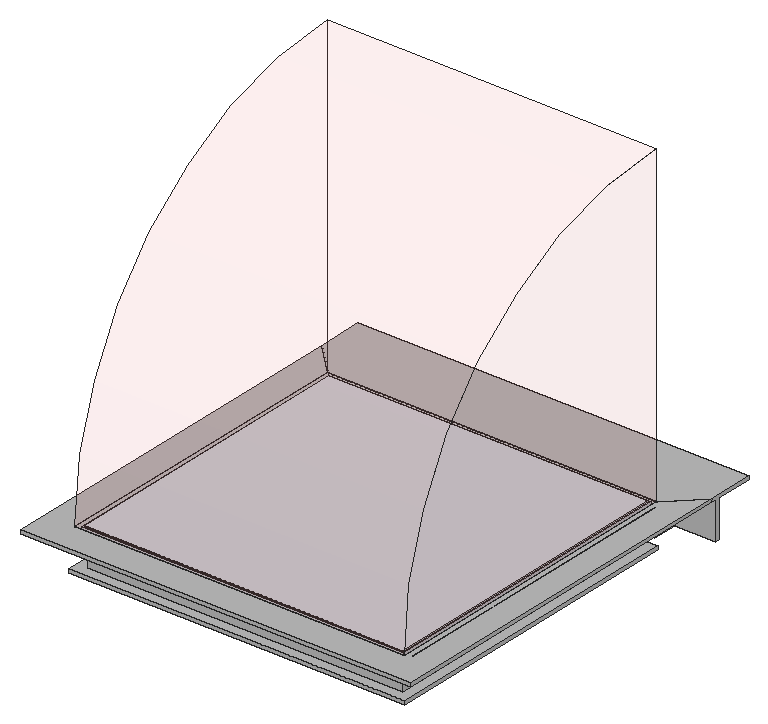
Revit family "Door_Access_Floor_Acudor_FT-8040-Carpet-VinylTile", category Generic Models, host Face, Revit 2026
Family settings
  Host = Face
  Can host rebar = No
  Round Connector Dimension = Use Diameter
  Part Type = Normal
  Cut with Voids When Loaded = No
  Maintain Annotation Orientation = No
  Shared = No
  Room Calculation Point = No
Parameters
  singleleafframelocate = if(Single Leaf, 0' 3", 0' 0")  # 0' - 3"
  halfswing = (Door Width / 2)  # 0' - 11 3/8"
  Warranty Duration (Years) = 0
  Unit Width = 1' - 10 3/4"
  Unit Weight = 0
  Unit Height = 2' - 1 1/8"
  Unit Depth = 0' - 3"
  URL = "http://www.acudor.com/"
  Test Data = ""
  Swing Clearance Visible [instance] = yes
  Standards Conformance = "as Specified"
  Specification = ""
  SpecWizard = ""
  SingleSwing [instance] = and(Single Leaf, Swing Clearance Visible)  # yes
  Single Leaf = yes
  Send Message = ""
  Sales Information = "http://www.acudor.com/contactus"
  Revision = "R1_2017-03"
  Product Properties = ""
  Product Data = "http://www.arcat.com/arcatcos/cos30/arc30126.html"
  Overall Width = 2' - 4 3/4"
  Overall Height = 2' - 7 1/8"
  Opening Width = Unit Width  # 1' - 10 3/4"
  Opening Height = Unit Height  # 2' - 1 1/8"
  Opening Depth [instance] = 1' - 0"
  Model = "As Specified"
  Manufacturer Website = "http://www.acudor.com/"
  Manufacturer Phone - Toll Free = "800-722-0501"
  Manufacturer Phone = "973-575-5120"
  Manufacturer Fax = "973-575-5160"
  Manufacturer Address = "80 Little Falls Rd.  Fairfield, NJ 07004"
  Manufacturer = "Acudor Products Inc"
  Maintenance Schedule (Months) = 0
  Keynote = ""
  Installation-Fabrication = ""
  Installation Phase = ""
  Green Building-LEED = "http://www.arcat.com/green/clients/leed_data_30126.html"
  Frame Finish [instance] = Metal - Acudor - Aluminum
  Floor Material Thickness [instance] = 0' - 0 1/16"
  Floor Material [instance] = none
  Fixture Finish [instance] = none
  Expected Lifespan (Years) = 0
  Drawn By = "Sumex Design, Inc. / Robert S. Weygant, CSI, CDT, SCIP"
  DoubleSwing [instance] = and(Double Leaf, Swing Clearance Visible)  # no
  Double Leaf = not(Single Leaf)  # no
  Door Width = Unit Width  # 1' - 10 3/4"
  Door Height = Unit Height  # 2' - 1 1/8"
  Description = "Acudor Product as Specified"
  Default Elevation = 0' - 0"  # constant formula
  Copyright = "©Arcat Inc."
  Construction Details = ""
  Clearance Material [instance] = ARCAT Clearance
  Clear Opening Width = 1' - 8"
  Clear Opening Height = 2' - 0"
  Capacity = "as Specified"
  Available Options [instance] = "as Specified"
  Assembly Code = ""
Reference planes (in)
  plane 1 "Center (Front/Back)": y = 1.28343
  plane 2: z = 0
  plane 3 "Center (Left/Right)": x = 0
  plane 4: y = 13.84593
  plane 5: y = -11.27907
  plane 6: x = -11.375
  plane 7: x = 11.375
  plane 8: z = 0
  plane 9: y = 16.84593
  plane 10: y = -14.27907
  plane 11: x = -14.375
  plane 12: x = 14.375
  plane 13: z = -3
  plane 14: x = -11.375
  plane 15: x = 11.375
  plane 16: y = 13.84593
  plane 17: y = -11.27907
  plane 18: z = -12
Forms (in)
  Extrusion 1, void
    sketch origin (0, 0, 0) x (1, 0, 0) y (0, 1, 0)
      loop
        line (-11.375, 13.84593) -> (-11.375, -11.27907) -> (11.375, -11.27907) -> (11.375, 13.84593) -> (-11.375, 13.84593)
    from -12 to 0
  Extrusion 2, void
    sketch origin (0, 0, 0) x (1, 0, 0) y (0, 1, 0)
      loop
        line (-14.375, 16.84593) -> (-14.375, -14.27907) -> (14.375, -14.27907) -> (14.375, 16.84593) -> (-14.375, 16.84593)
    from 0 to -0.25
Dimensions and locks (in)
  locked: plane 8 to level
  equal spacing: plane 4, plane 1 "Center (Front/Back)", plane 5
  "Unit Height": plane 4 to plane 5
  equal spacing: plane 6, plane 3 "Center (Left/Right)", plane 7
  "Unit Width": plane 6 to plane 7
  equal spacing: plane 11, plane 3 "Center (Left/Right)", plane 12
  "Overall Width": plane 11 to plane 12
  "Overall Height": plane 9 to plane 10
  "Unit Depth": plane 8 to plane 13
  equal spacing: plane 16, plane 1 "Center (Front/Back)", plane 17
  equal spacing: plane 14, plane 3 "Center (Left/Right)", plane 15
  "Opening Width": plane 14 to plane 15
  "Opening Height": plane 16 to plane 17
  "Opening Depth": level to plane 18
  locked: plane 17 to plane 10 at 3
  aligned and locked: host face to plane 2
  aligned and locked: host face to level
  aligned and locked: Extrusion 1 sketch curve to plane 16
  aligned and locked: plane 14 to Extrusion 1 sketch curve
  aligned and locked: plane 17 to Extrusion 1 sketch curve
  aligned and locked: Extrusion 1 sketch curve to plane 15
  aligned and locked: Extrusion 1 to plane 18
  aligned and locked: plane 8 to Extrusion 1
  aligned and locked: plane 3 "Center (Left/Right)" to nested 1
  aligned and locked: plane 1 "Center (Front/Back)" to nested 1
  aligned and locked: Extrusion 2 sketch curve to nested 1  (x4)
  aligned and locked: plane 3 "Center (Left/Right)" to nested 2
  aligned and locked: nested 2 to plane 1 "Center (Front/Back)"
Automatic sketch dimensions
  host sketch curve to host sketch curve = 12' - 11.75605"
  host sketch curve to host sketch curve = 12' - 7.74281"
Nested families (in)
  nested 1: "FT-8040-SL" at (0, 0, 0), Frame Finish <- "Frame Finish", Swing Clearance Visible <- "Swing Clearance Visible", Floor Material <- "Floor Material", Floor Material Thickness <- "Floor Material Thickness", Fixture Finish <- "Fixture Finish", Clearance Material <- "Clearance Material", Clear Opening Width <- "Clear Opening Width", Clear Opening Height <- "Clear Opening Height", Unit Width <- "Unit Width", Unit Height <- "Unit Height", Unit Depth <- "Unit Depth", Overall Height <- "Overall Height", Overall Width <- "Overall Width", visible <- "Single Leaf", type "FT-8040-SL"
    with halfswing 1' - 0 1/8", doorwidthhalfneg -1' - 0 1/8", doorwidthhalf 1' - 0 1/8", Unit Width 1' - 10 3/4", Unit Height 2' - 1 1/8", Unit Depth 0' - 3", Swing Clearance Visible yes, SingleSwing yes, Overall Width 2' - 4 3/4", Overall Height 2' - 7 1/8", Opening Width 1' - 10 3/4", Opening Height 2' - 1 1/8", Opening Depth 1' - 0", Frame Finish Metal - Acudor - Aluminum, Floor Material Thickness 0' - 0 1/16", Floor Material none, Fixture Finish none, DoubleSwing no, Door Width 2' - 0 1/4", Door Height 1' - 11 1/4", Clearance Material ARCAT Clearance, Clear Opening Width 1' - 8", Clear Opening Height 2' - 0", Available Options "as Specified"
  nested 2: "FT-8040-DL" at (1.28343, 1.28343, 0) x (0, 1, 0) z (0, 0, 1), visible <- "Double Leaf", Swing Clearance Visible <- "Swing Clearance Visible", Floor Material Thickness <- "Floor Material Thickness", Frame Finish <- "Frame Finish", Floor Material <- "Floor Material", Fixture Finish <- "Fixture Finish", Clearance Material <- "Clearance Material", Unit Width <- "Unit Height", Unit Height <- "Unit Width", Unit Depth <- "Unit Depth", Overall Width <- "Overall Height", Overall Height <- "Overall Width", Clear Opening Width <- "Clear Opening Height", Clear Opening Height <- "Clear Opening Width", type "FT-8040-DL"
    with halfswing 0' - 8 3/4", doorwidthhalfneg -1' - 1 5/16", doorwidthhalf 1' - 1 5/16", Unit Width 2' - 1 1/8", Unit Height 1' - 10 3/4", Unit Depth 0' - 3", Swing Clearance Visible yes, SingleSwing no, Overall Width 2' - 7 1/8", Overall Height 2' - 4 3/4", Opening Width 2' - 1 1/8", Opening Height 1' - 10 3/4", Opening Depth 1' - 0", Frame Finish Metal - Acudor - Aluminum, Floor Material Thickness 0' - 0 1/16", Floor Material none, Fixture Finish none, DoubleSwing yes, Door Width 2' - 2 5/8", Door Height 1' - 5 1/2", Clearance Material ARCAT Clearance, Clear Opening Width 2' - 0", Clear Opening Height 1' - 8", Available Options "as Specified"
Definition of nested family "FT-8040-SL"
  Parameters
    halfswing [instance] = (Door Width / 2)  # 1' - 9 1/8"
    doorwidthhalfneg [instance] = -(Door Width / 2)  # -1' - 9 1/8"
    doorwidthhalf [instance] = Door Width / 2  # 1' - 9 1/8"
    Warranty Duration (Years) = 0
    Unit Width [instance] = 3' - 4 3/4"
    Unit Weight = 0
    Unit Height [instance] = 3' - 8 1/8"
    Unit Depth [instance] = 0' - 3"
    URL = "http://www.acudor.com/"
    Test Data = ""
    Swing Clearance Visible [instance] = yes
    Standards Conformance = "as Specified"
    Specification = ""
    SpecWizard = ""
    SingleSwing [instance] = and(Single Leaf, Swing Clearance Visible)  # yes
    Single Leaf = yes
    Send Message = ""
    Sales Information = "http://www.acudor.com/contactus"
    Revision = "R1_2017-03"
    Product Properties = ""
    Product Data = "http://www.arcat.com/arcatcos/cos30/arc30126.html"
    Overall Width [instance] = 3' - 10 3/4"
    Overall Height [instance] = 4' - 1 1/8"
    Opening Width [instance] = Unit Width  # 3' - 4 3/4"
    Opening Height [instance] = Unit Height  # 3' - 8 1/8"
    Opening Depth [instance] = 1' - 0"
    Model = "As Specified"
    Manufacturer Website = "http://www.acudor.com/"
    Manufacturer Phone - Toll Free = "800-722-0501"
    Manufacturer Phone = "973-575-5120"
    Manufacturer Fax = "973-575-5160"
    Manufacturer Address = "80 Little Falls Rd.  Fairfield, NJ 07004"
    Manufacturer = "Acudor Products Inc"
    Maintenance Schedule (Months) = 0
    Keynote = ""
    Installation-Fabrication = ""
    Installation Phase = ""
    Green Building-LEED = "http://www.arcat.com/green/clients/leed_data_30126.html"
    Frame Finish [instance] = none
    Floor Material Thickness [instance] = 0' - 0 1/16"
    Floor Material [instance] = none
    Fixture Finish [instance] = none
    Expected Lifespan (Years) = 0
    Drawn By = "Sumex Design, Inc. / Robert S. Weygant, CSI, CDT, SCIP"
    DoubleSwing [instance] = and(Double Leaf, Swing Clearance Visible)  # no
    Double Leaf = not(Single Leaf)  # no
    Door Width [instance] = Overall Width - 0' 4 1/2"  # 3' - 6 1/4"
    Door Height [instance] = Unit Height - 0' 3 3/8" + 0' 1 1/2"  # 3' - 6 1/4"
    Description = "Acudor Product as Specified"
    Default Elevation = 0' - 0"  # constant formula
    Copyright = "©Arcat Inc."
    Construction Details = ""
    Clearance Material [instance] = none
    Clear Opening Width [instance] = 1' - 8"
    Clear Opening Height [instance] = 2' - 0"
    Capacity = "as Specified"
    Available Options [instance] = "as Specified"
    Assembly Code = ""
  Reference planes (in)
    plane 1 "Center (Front/Back)": y = 1.28343
    plane 2: z = 0
    plane 3 "Center (Left/Right)": x = 0
    plane 4: y = 23.34593
    plane 5: y = -20.77907
    plane 6: x = -20.375
    plane 7: x = 20.375
    plane 8: z = 0
    plane 9: y = 25.34593
    plane 10: y = -23.77907
    plane 11: x = -23.375
    plane 12: x = 23.375
    plane 13: z = -3
    plane 14: x = -20.375
    plane 15: x = 20.375
    plane 16: y = 23.34593
    plane 17: y = -20.77907
    plane 18: z = -12
    plane 19: y = 19.97093
    plane 20: y = -0.40407
    plane 21: y = 20.47093
    plane 22: y = -21.27907
    plane 23: x = 20.875
    plane 24: x = -20.875
  Forms (in)
    Extrusion 1, solid
      sketch origin (0, 0, 0) x (1, 0, 0) y (0, 1, 0)
        loop
          line (-79.875, 69.28343) -> (-79.875, -82.45938) -> (75.88105, -82.45938) -> (75.88105, 69.28343) -> (-79.875, 69.28343)
      from 0 to -12
    Sweep 2, solid, material <- "Frame Finish", visible <- "Single Leaf"
      path origin (0, 0, 0) x (1, 0, 0) y (0, 1, 0)
        loop
          line (23.375, 25.34593) -> (23.375, -23.77907) -> (-23.375, -23.77907) -> (-23.375, 25.34593)
      profile origin (-23.375, 0.78343, 0) x (-1, 0, 0) y (0, 0, 1)
        loop
          line (-3, -0.25) -> (-3, -3) -> (-2, -3) -> (-2, -2.75) -> (-2.75, -2.75) -> (-2.75, -0.42678) -> (-2.32322, -0.42678) -> (-2.14645, -0.25) -> (0, -0.25) -> (0, 0) -> (-2.25, 0) -> (-2.5, -0.25) -> (-3, -0.25)
    Extrusion 3, solid, material <- "Fixture Finish", visible <- "Single Leaf"
      sketch origin (0, 0, 0) x (1, 0, 0) y (0, 1, 0)
        loop
          line (-20.875, 20.47093) -> (-20.875, -21.27907) -> (20.875, -21.27907) -> (20.875, 20.47093) -> (-20.875, 20.47093)
      from 0 to -0.25
    Extrusion 4, solid, material <- "Frame Finish", visible <- "Single Leaf"
      sketch origin (0, 0, 0) x (1, 0, 0) y (0, 1, 0)
        loop
          line (-19.625, 19.34593) -> (-19.625, -20.02739) -> (19.62332, -20.02739) -> (19.62332, 19.34593) -> (-19.625, 19.34593)
      from -2.45734 to -0.25
    Sweep 5, solid, material <- "Frame Finish", visible <- "Single Leaf"
      path origin (0, 0, 0) x (1, 0, 0) y (0, 1, 0)
        loop
          line (-23.375, 25.34593) -> (23.375, 25.34593)
      profile origin (0, 25.34593, 0) x (0, 1, 0) y (0, 0, 1)
        loop
          line (-5.375, -0.25) -> (-5.375, -0.5) -> (-4.77145, -0.5) -> (-4.52145, -0.25) -> (-3.875, -0.25) -> (-3.875, -3) -> (-1.75, -3) -> (-1.75, -0.25) -> (0, -0.25) -> (0, 0) -> (-4.625, 0) -> (-4.875, -0.25) -> (-5.375, -0.25)
    Extrusion 6, void
      sketch origin (0, 0, 0) x (1, 0, 0) y (0, 1, 0)
        loop
          line (-23.375, 22.97093) -> (-20.875, 20.47093) -> (-20.375, 20.47093) -> (-20.375, 25.34593) -> (-23.375, 25.34593) -> (-23.375, 22.97093)
        loop
          line (23.375, 22.97093) -> (23.375, 25.34593) -> (20.375, 25.34593) -> (20.375, 20.47093) -> (20.875, 20.47093) -> (23.375, 22.97093)
      from 0 to -3
    Extrusion 7, void
      sketch origin (0, 0, 0) x (1, 0, 0) y (0, 1, 0)
        loop
          line (-20.875, 19.97093) -> (-20.875, 20.47093) -> (-23.375, 22.97093) -> (-23.375, 19.97093) -> (-20.875, 19.97093)
        loop
          line (20.875, 19.97093) -> (23.375, 19.97093) -> (23.375, 22.97093) -> (20.875, 20.47093) -> (20.875, 19.97093)
      from 0 to -3
    Extrusion 8, void
      sketch origin (0, 0, 0) x (1, 0, 0) y (0, 1, 0)
        loop
          line (-20.375, 20.47093) -> (-20.375, 23.34593) -> (-23.375, 23.34593) -> (-23.375, 20.47093) -> (-20.375, 20.47093)
        loop
          line (20.375, 20.47093) -> (23.375, 20.47093) -> (23.375, 23.34593) -> (20.375, 23.34593) -> (20.375, 20.47093)
      from -3 to -0.25
    Extrusion 9, solid, material <- "Clearance Material", visible <- "SingleSwing"
      sketch origin (0, 0, 0) x (0, 1, 0) y (0, 0, 1)
        loop
          arc (20.72093, 42.25) -> (-9.15433, 29.87526) -> (-21.52907, 0) r 42.25
          line (-21.52907, 0) -> (20.72093, 0) -> (20.72093, 42.25)
      from -21.125 <- "doorwidthhalfneg" to 21.125 <- "doorwidthhalf"
    Extrusion 10, solid, material <- "Floor Material"
      sketch origin (0, 0, 0) x (1, 0, 0) y (0, 1, 0)
        loop
          line (20.75, -21.15407) -> (20.75, 20.34593) -> (-20.75, 20.34593) -> (-20.75, -21.15407) -> (20.75, -21.15407)
      from 0 to 0.0625 <- "Floor Material Thickness"
  Cuts and joins
    Extrusion 6, Extrusion 8 cuts Sweep 2
    Extrusion 7, Extrusion 8 cuts Sweep 5
  Lines and regions (in)
    model lines, visible <- "Single Leaf"
      curve 1: line (-20.875, -21.27907, 0.0625) -> (0, 20.47093, 0.0625)
      curve 2: line (0, 20.47093, 0.0625) -> (20.875, -21.27907, 0.0625)
  Dimensions and locks (in)
    locked: plane 8 to level
    equal spacing: plane 4, plane 1 "Center (Front/Back)", plane 5
    "Unit Height": plane 4 to plane 5
    equal spacing: plane 6, plane 3 "Center (Left/Right)", plane 7
    "Unit Width": plane 6 to plane 7
    equal spacing: plane 11, plane 3 "Center (Left/Right)", plane 12
    "Overall Width": plane 11 to plane 12
    "Overall Height": plane 9 to plane 10
    "Unit Depth": plane 8 to plane 13
    equal spacing: plane 16, plane 1 "Center (Front/Back)", plane 17
    equal spacing: plane 14, plane 3 "Center (Left/Right)", plane 15
    "Opening Width": plane 14 to plane 15
    "Opening Height": plane 16 to plane 17
    "Opening Depth": level to plane 18
    locked: Extrusion 4 sketch curve to plane 15 at 0.75168
    locked: plane 14 to Extrusion 4 sketch curve at 0.75
    locked: plane 16 to Extrusion 4 sketch curve at 4
    locked: Extrusion 4 sketch curve to plane 17 at 0.75168
    locked: plane 16 to plane 19 at 3.375
    plane 14 to Sweep 2 sketch curve to Sweep 2 sketch curve to Sweep 2 sketch curve to Sweep 2 sketch curve to Sweep 2 sketch curve to Sweep 2 sketch curve = 0' - 0 1/4" locked, 0' - 0 1/4" locked, 0' - 0.17678" locked, 0' - 0.07322" locked, 0' - 0.10355" locked, 0' - 0.14645" locked
    locked: plane 17 to plane 10 at 3
    locked: plane 17 to plane 22 at 0.5
    locked: plane 21 to plane 19 at 0.5
    equal spacing: plane 21, plane 20, plane 22
    locked: plane 24 to plane 14 at 0.5
    locked: plane 15 to plane 23 at 0.5
    Extrusion 7 sketch curve to Extrusion 7 sketch curve to plane 19 = 0' - 2 1/2" locked, 0' - 0 1/2" locked  (x2)
    locked: Extrusion 6 sketch curve to plane 21 at 2.5  (x2)
    Sweep 5 sketch curve to plane 16 to Sweep 5 sketch curve = 0' - 1 7/8" locked, 0' - 0 1/4" locked
    plane 19 to Sweep 5 sketch curve to Sweep 5 sketch curve to Sweep 5 sketch curve to Sweep 5 sketch curve = 0' - 0 1/2" locked, 0' - 0.10355" locked, 0' - 0.14645" locked, 0' - 0.10355" locked
    locked: plane 21 to Extrusion 9 sketch curve at 0.25  (x2)
    locked: level to Extrusion 9 sketch curve at 0
    locked: plane 21 to Extrusion 10 sketch curve at 0.125
    locked: plane 24 to Extrusion 10 sketch curve at 0.125
    locked: Extrusion 10 sketch curve to plane 23 at 0.125
    locked: Extrusion 10 sketch curve to plane 22 at 0.125
    "Door Height": radius of Extrusion 9 sketch curve
    aligned and locked: Extrusion 1 to plane 2
    aligned and locked: Extrusion 1 to level
    aligned and locked: Sweep 2 sketch curve to plane 11
    aligned and locked: Sweep 2 sketch curve to plane 10
    aligned and locked: Sweep 2 sketch curve to plane 12
    aligned and locked: plane 9 to Sweep 2 sketch curve
    aligned and locked: Sweep 2 sketch curve to plane 9
    aligned and locked: plane 3 "Center (Left/Right)" to curve 2
    aligned and locked: Extrusion 3 sketch curve to plane 21
    aligned and locked: Extrusion 3 sketch curve to plane 24
    aligned and locked: Extrusion 3 sketch curve to plane 23
    aligned and locked: Extrusion 3 sketch curve to plane 22
    aligned and locked: plane 12 to Sweep 5 sketch curve
    aligned and locked: plane 11 to Sweep 5 sketch curve
    aligned and locked: Sweep 5 sketch curve to plane 9  (x2)
    aligned and locked: plane 21 to curve 2
    aligned and locked: Extrusion 7 sketch curve to plane 19  (x2)
    aligned and locked: plane 24 to Extrusion 7 sketch curve
    aligned and locked: Extrusion 7 sketch curve to plane 11
    aligned and locked: Extrusion 7 sketch curve to plane 12
    aligned and locked: plane 23 to Extrusion 7 sketch curve
    aligned and locked: plane 21 to Extrusion 6 sketch curve  (x2)
    aligned and locked: Extrusion 6 sketch curve to plane 15
    aligned and locked: Extrusion 6 sketch curve to plane 9  (x2)
    aligned and locked: plane 12 to Extrusion 6 sketch curve
    aligned and locked: plane 23 to Extrusion 6 sketch curve
    aligned and locked: plane 24 to Extrusion 6 sketch curve
    aligned and locked: plane 11 to Extrusion 6 sketch curve
    aligned and locked: Extrusion 6 sketch curve to plane 14
    aligned and locked: Extrusion 8 sketch curve to plane 14
    aligned and locked: plane 21 to Extrusion 8 sketch curve  (x2)
    aligned and locked: plane 11 to Extrusion 8 sketch curve
    aligned and locked: Extrusion 8 sketch curve to plane 15
    aligned and locked: plane 12 to Extrusion 8 sketch curve
    aligned and locked: Sweep 5 sketch curve to plane 19
    aligned and locked: Extrusion 8 sketch curve to plane 4  (x2)
  Automatic sketch dimensions
    Extrusion 1 sketch curve to Extrusion 1 sketch curve = 12' - 11.75605"
    Extrusion 1 sketch curve to Extrusion 1 sketch curve = 12' - 7.74281"
    Sweep 2 sketch curve to level = 0' - 0"
    Sweep 2 sketch curve to profile plane = 0' - 0"
    Sweep 2 sketch curve to level = 0' - 0 1/4"  (x2)
    Sweep 2 sketch curve to Sweep 2 sketch curve = 0' - 0 1/4"  (x2)
    Sweep 2 sketch curve to Sweep 2 sketch curve = 0' - 2 1/2"
    Sweep 2 sketch curve to level = 0' - 0.42678"
    Sweep 5 sketch curve to level = 0' - 0"
    Sweep 5 sketch curve to level = 0' - 0 1/4"  (x2)
    Sweep 5 sketch curve to Sweep 5 sketch curve = 0' - 0 1/4"  (x2)
    Sweep 5 sketch curve to Sweep 5 sketch curve = 0' - 2 3/4"
    Extrusion 10 to curve 1 = 0' - 0 1/8"  (x2)
    Extrusion 10 to curve 2 = 0' - 0 1/8"  (x2)
Definition of nested family "FT-8040-DL"
  Parameters
    halfswing [instance] = (Door Height / 2)  # 1' - 6 15/16"
    doorwidthhalfneg [instance] = -(Door Width / 2)  # -1' - 9 1/8"
    doorwidthhalf [instance] = Door Width / 2  # 1' - 9 1/8"
    Warranty Duration (Years) = 0
    Unit Width [instance] = 3' - 4 3/4"
    Unit Weight = 0
    Unit Height [instance] = 3' - 7 1/8"
    Unit Depth [instance] = 0' - 3"
    URL = "http://www.acudor.com/"
    Test Data = ""
    Swing Clearance Visible [instance] = yes
    Standards Conformance = "as Specified"
    Specification = ""
    SpecWizard = ""
    SingleSwing [instance] = and(Single Leaf, Swing Clearance Visible)  # no
    Single Leaf = 1 = 0  # no
    Send Message = ""
    Sales Information = "http://www.acudor.com/contactus"
    Revision = "R1_2017-03"
    Product Properties = ""
    Product Data = "http://www.arcat.com/arcatcos/cos30/arc30126.html"
    Overall Width [instance] = 3' - 10 3/4"
    Overall Height [instance] = 4' - 1 1/8"
    Opening Width [instance] = Unit Width  # 3' - 4 3/4"
    Opening Height [instance] = Unit Height  # 3' - 7 1/8"
    Opening Depth [instance] = 1' - 0"
    Model = "As Specified"
    Manufacturer Website = "http://www.acudor.com/"
    Manufacturer Phone - Toll Free = "800-722-0501"
    Manufacturer Phone = "973-575-5120"
    Manufacturer Fax = "973-575-5160"
    Manufacturer Address = "80 Little Falls Rd.  Fairfield, NJ 07004"
    Manufacturer = "Acudor Products Inc"
    Maintenance Schedule (Months) = 0
    Keynote = ""
    Installation-Fabrication = ""
    Installation Phase = ""
    Green Building-LEED = "http://www.arcat.com/green/clients/leed_data_30126.html"
    Frame Finish [instance] = none
    Floor Material Thickness [instance] = 0' - 0 1/16"
    Floor Material [instance] = none
    Fixture Finish [instance] = none
    Expected Lifespan (Years) = 0
    Drawn By = "Sumex Design, Inc. / Robert S. Weygant, CSI, CDT, SCIP"
    DoubleSwing [instance] = and(Double Leaf, Swing Clearance Visible)  # yes
    Double Leaf = not(Single Leaf)  # yes
    Door Width [instance] = Overall Width - 0' 4 1/2"  # 3' - 6 1/4"
    Door Height [instance] = Unit Height - (0' 3 3/8" * 2) + 0' 1 1/2"  # 3' - 1 7/8"
    Description = "Acudor Product as Specified"
    Default Elevation = 0' - 0"  # constant formula
    Copyright = "©Arcat Inc."
    Construction Details = ""
    Clearance Material [instance] = none
    Clear Opening Width [instance] = 1' - 8"
    Clear Opening Height [instance] = 2' - 0"
    Capacity = "as Specified"
    Available Options [instance] = "as Specified"
    Assembly Code = ""
  Reference planes (in)
    plane 1 "Center (Front/Back)": y = 1.28343
    plane 2: z = 0
    plane 3 "Center (Left/Right)": x = 0
    plane 4: y = 22.84593
    plane 5: y = -20.27907
    plane 6: x = -20.375
    plane 7: x = 20.375
    plane 8: z = 0
    plane 9: y = 25.84593
    plane 10: y = -23.27907
    plane 11: x = -23.375
    plane 12: x = 23.375
    plane 13: z = -3
    plane 14: x = -20.375
    plane 15: x = 20.375
    plane 16: y = 22.84593
    plane 17: y = -20.27907
    plane 18: z = -12
    plane 19: y = 19.47093
    plane 20: y = 19.97093
    plane 21: x = 20.875
    plane 22: x = -20.875
    plane 23: y = -16.90407
    plane 24: y = -17.40407
  Forms (in)
    Extrusion 1, solid
      sketch origin (0, 0, 0) x (1, 0, 0) y (0, 1, 0)
        loop
          line (-79.875, 69.28343) -> (-79.875, -82.45938) -> (75.88105, -82.45938) -> (75.88105, 69.28343) -> (-79.875, 69.28343)
      from 0 to -12
    Sweep 2, solid, material <- "Frame Finish", visible <- "Double Leaf"
      path origin (0, 0, 0) x (1, 0, 0) y (0, 1, 0)
        loop
          line (-23.375, -23.27907) -> (-23.375, 25.84593)
      profile origin (-23.375, 1.28343, 0) x (-1, 0, 0) y (0, 0, 1)
        loop
          line (-3, -0.25) -> (-3, -3) -> (-2, -3) -> (-2, -2.75) -> (-2.75, -2.75) -> (-2.75, -0.42678) -> (-2.32322, -0.42678) -> (-2.14645, -0.25) -> (0, -0.25) -> (0, 0) -> (-2.25, 0) -> (-2.5, -0.25) -> (-3, -0.25)
        loop
          line (-43.75, -0.25) -> (-44.25, -0.25) -> (-44.5, 0) -> (-46.75, 0) -> (-46.75, -0.25) -> (-44.60355, -0.25) -> (-44.42678, -0.42678) -> (-44, -0.42678) -> (-44, -2.75) -> (-44.75, -2.75) -> (-44.75, -3) -> (-43.75, -3) -> (-43.75, -0.25)
    Extrusion 3, solid, material <- "Fixture Finish", visible <- "Double Leaf"
      sketch origin (0, 0, 0) x (1, 0, 0) y (0, 1, 0)
        loop
          line (-20.875, 19.97093) -> (-20.875, 1.28343) -> (20.875, 1.28343) -> (20.875, 19.97093) -> (-20.875, 19.97093)
      from 0 to -0.25
    Extrusion 4, solid, material <- "Frame Finish", visible <- "Double Leaf"
      sketch origin (0, 0, 0) x (1, 0, 0) y (0, 1, 0)
        loop
          line (-19.625, 18.84593) -> (-19.625, 1.28343) -> (19.62332, 1.28343) -> (19.62332, 18.84593) -> (-19.625, 18.84593)
      from -2.45734 to -0.25
    Sweep 5, solid, material <- "Frame Finish", visible <- "Double Leaf"
      path origin (0, 0, 0) x (1, 0, 0) y (0, 1, 0)
        loop
          line (-23.375, 25.84593) -> (23.375, 25.84593)
      profile origin (0, 25.84593, 0) x (0, 1, 0) y (0, 0, 1)
        loop
          line (-6.375, -0.25) -> (-6.375, -0.5) -> (-5.77145, -0.5) -> (-5.52145, -0.25) -> (-4.875, -0.25) -> (-4.875, -3) -> (-2.75, -3) -> (-2.75, -0.25) -> (0, -0.25) -> (0, 0) -> (-5.625, 0) -> (-5.875, -0.25) -> (-6.375, -0.25)
    Extrusion 6, void
      sketch origin (0, 0, 0) x (1, 0, 0) y (0, 1, 0)
        loop
          line (-23.375, 22.47093) -> (-20.875, 19.97093) -> (-20.375, 19.97093) -> (-20.375, 25.84593) -> (-23.375, 25.84593) -> (-23.375, 22.47093)
        loop
          line (23.375, 22.47093) -> (23.375, 25.84593) -> (20.375, 25.84593) -> (20.375, 19.97093) -> (20.875, 19.97093) -> (23.375, 22.47093)
        loop
          line (-23.375, -19.90407) -> (-23.375, -23.27907) -> (-20.375, -23.27907) -> (-20.375, -17.40407) -> (-20.875, -17.40407) -> (-23.375, -19.90407)
        loop
          line (23.375, -19.90407) -> (20.875, -17.40407) -> (20.375, -17.40407) -> (20.375, -23.27907) -> (23.375, -23.27907) -> (23.375, -19.90407)
      from 0 to -3
    Extrusion 7, void
      sketch origin (0, 0, 0) x (1, 0, 0) y (0, 1, 0)
        loop
          line (-20.875, 19.47093) -> (-20.875, 19.97093) -> (-23.375, 22.47093) -> (-23.375, 19.47093) -> (-20.875, 19.47093)
        loop
          line (20.875, 19.47093) -> (23.375, 19.47093) -> (23.375, 22.47093) -> (20.875, 19.97093) -> (20.875, 19.47093)
        loop
          line (-20.875, -16.90407) -> (-23.375, -16.90407) -> (-23.375, -19.90407) -> (-20.875, -17.40407) -> (-20.875, -16.90407)
        loop
          line (20.875, -16.90407) -> (20.875, -17.40407) -> (23.375, -19.90407) -> (23.375, -16.90407) -> (20.875, -16.90407)
      from 0 to -3
    Extrusion 8, void
      sketch origin (0, 0, 0) x (1, 0, 0) y (0, 1, 0)
        loop
          line (-20.375, 19.97093) -> (-20.375, 22.84593) -> (-23.375, 22.84593) -> (-23.375, 19.97093) -> (-20.375, 19.97093)
        loop
          line (20.375, 19.97093) -> (23.375, 19.97093) -> (23.375, 22.84593) -> (20.375, 22.84593) -> (20.375, 19.97093)
        loop
          line (-20.375, -17.40407) -> (-23.375, -17.40407) -> (-23.375, -20.27907) -> (-20.375, -20.27907) -> (-20.375, -17.40407)
        loop
          line (20.375, -17.40407) -> (20.375, -20.27907) -> (23.375, -20.27907) -> (23.375, -17.40407) -> (20.375, -17.40407)
      from -3 to -0.25
    Extrusion 9, solid, material <- "Floor Material", visible <- "Double Leaf"
      sketch origin (0, 0, 0) x (1, 0, 0) y (0, 1, 0)
        loop
          line (20.75, 1.40843) -> (20.75, 19.84593) -> (-20.75, 19.84593) -> (-20.75, 1.40843) -> (20.75, 1.40843)
        loop
          line (20.75, 1.15843) -> (-20.75, 1.15843) -> (-20.75, -17.27907) -> (20.75, -17.27907) -> (20.75, 1.15843)
      from 0 to 0.0625 <- "Floor Material Thickness"
    Sweep 10, solid, material <- "Frame Finish"
      path origin (0, 0, 0) x (1, 0, 0) y (0, 1, 0)
        loop
          line (-23.375, -23.27907) -> (23.375, -23.27907)
      profile origin (0, -23.27907, 0) x (0, 1, 0) y (0, 0, 1)
        loop
          line (2.75, -0.25) -> (2.75, -3) -> (4.875, -3) -> (4.875, -0.25) -> (5.52145, -0.25) -> (5.77145, -0.5) -> (6.375, -0.5) -> (6.375, -0.25) -> (5.875, -0.25) -> (5.625, 0) -> (0, 0) -> (0, -0.25) -> (2.75, -0.25)
    Extrusion 11, solid, material <- "Fixture Finish", visible <- "Double Leaf"
      sketch origin (0, 2.56686, 0) x (1, 0, 0) y (0, 1, 0)
        loop
          line (-20.875, -19.97093) -> (20.875, -19.97093) -> (20.875, -1.28343) -> (-20.875, -1.28343) -> (-20.875, -19.97093)
      from 0 to -0.25
    Extrusion 12, solid, material <- "Clearance Material", visible <- "DoubleSwing"
      sketch origin (0, 0, 0) x (0, 1, 0) y (0, 0, 1)
        loop
          arc (1.28343, 0) -> (-4.26324, 13.39083) -> (-17.65407, 18.9375) r 18.9375
          line (-17.65407, 18.9375) -> (-17.65407, 0) -> (1.28343, 0)
      from -21.125 <- "doorwidthhalfneg" to 21.125 <- "doorwidthhalf"
    Extrusion 13, solid, material <- "Clearance Material", visible <- "DoubleSwing"
      sketch origin (0, 2.56686, 0) x (0, -1, 0) y (0, 0, -1)
        loop
          line (1.28343, 0) -> (-17.65407, 0) -> (-17.65407, -18.9375)
          arc (-17.65407, -18.9375) -> (-4.26324, -13.39083) -> (1.28343, 0) r 18.9375
      from 21.125 <- "doorwidthhalf" to -21.125 <- "doorwidthhalfneg"
    Extrusion 14, solid, material <- "Frame Finish", visible <- "Double Leaf"
      sketch origin (0, 2.56686, 0) x (1, 0, 0) y (0, 1, 0)
        loop
          line (-19.625, -18.84593) -> (19.62332, -18.84593) -> (19.62332, -1.28343) -> (-19.625, -1.28343) -> (-19.625, -18.84593)
      from -2.45734 to -0.25
  Cuts and joins
    Extrusion 6, Extrusion 8 cuts Sweep 2
    Extrusion 7, Extrusion 8 cuts Sweep 5
    Extrusion 7 cuts Sweep 10
  Lines and regions (in)
    model lines, visible <- "Double Leaf"
      curve 1: line (-20.875, 1.28343, 0.0625) -> (0, 19.97093, 0.0625)
      curve 2: line (0, 19.97093, 0.0625) -> (20.875, 1.28343, 0.0625)
      curve 3: line (-20.875, 1.28343, 0.0625) -> (0, -17.40407, 0.0625)
      curve 4: line (0, -17.40407, 0.0625) -> (20.875, 1.28343, 0.0625)
  Dimensions and locks (in)
    locked: plane 8 to level
    equal spacing: plane 4, plane 1 "Center (Front/Back)", plane 5
    "Unit Height": plane 4 to plane 5
    equal spacing: plane 6, plane 3 "Center (Left/Right)", plane 7
    "Unit Width": plane 6 to plane 7
    equal spacing: plane 11, plane 3 "Center (Left/Right)", plane 12
    "Overall Width": plane 11 to plane 12
    "Overall Height": plane 9 to plane 10
    "Unit Depth": plane 8 to plane 13
    equal spacing: plane 16, plane 1 "Center (Front/Back)", plane 17
    equal spacing: plane 14, plane 3 "Center (Left/Right)", plane 15
    "Opening Width": plane 14 to plane 15
    "Opening Height": plane 16 to plane 17
    "Opening Depth": level to plane 18
    locked: Extrusion 4 sketch curve to plane 15 at 0.75168
    locked: plane 14 to Extrusion 4 sketch curve at 0.75
    locked: plane 16 to Extrusion 4 sketch curve at 4
    locked: plane 16 to plane 19 at 3.375
    plane 14 to Sweep 2 sketch curve to Sweep 2 sketch curve to Sweep 2 sketch curve to Sweep 2 sketch curve to Sweep 2 sketch curve to Sweep 2 sketch curve = 0' - 0 1/4" locked, 0' - 0 1/4" locked, 0' - 0.17678" locked, 0' - 0.07322" locked, 0' - 0.10355" locked, 0' - 0.14645" locked
    locked: plane 20 to plane 19 at 0.5
    locked: plane 22 to plane 14 at 0.5
    locked: plane 15 to plane 21 at 0.5
    Extrusion 7 sketch curve to Extrusion 7 sketch curve to plane 19 = 0' - 2 1/2" locked, 0' - 0 1/2" locked  (x2)
    locked: Extrusion 6 sketch curve to plane 20 at 2.5  (x2)
    Sweep 5 sketch curve to plane 16 to Sweep 5 sketch curve = 0' - 1 7/8" locked, 0' - 0 1/4" locked
    plane 19 to Sweep 5 sketch curve to Sweep 5 sketch curve to Sweep 5 sketch curve to Sweep 5 sketch curve = 0' - 0 1/2" locked, 0' - 0.10355" locked, 0' - 0.14645" locked, 0' - 0.10355" locked
    locked: plane 20 to Extrusion 9 sketch curve at 0.125
    locked: plane 22 to Extrusion 9 sketch curve at 0.125  (x2)
    locked: Extrusion 9 sketch curve to plane 21 at 0.125  (x2)
    equal spacing: plane 9, plane 1 "Center (Front/Back)", plane 10
    plane 10 to Sweep 10 sketch curve to Sweep 10 sketch curve to Sweep 10 sketch curve to Sweep 10 sketch curve to Sweep 10 sketch curve to Sweep 10 sketch curve to Sweep 10 sketch curve = 0' - 2 3/4" locked, 0' - 2 1/8" locked, 0' - 0.64645" locked, 0' - 0.10355" locked, 0' - 0.14645" locked, 0' - 0.10355" locked, 0' - 0 1/2" locked
    locked: plane 1 "Center (Front/Back)" to Extrusion 9 sketch curve at 0.125
    locked: plane 23 to plane 17 at 3.375
    locked: plane 23 to plane 24 at 0.5
    Sweep 2 sketch curve to Sweep 2 sketch curve to Sweep 2 sketch curve to Sweep 2 sketch curve to Sweep 2 sketch curve to Sweep 2 sketch curve = 0' - 0 1/4" locked, 0' - 0.17678" locked, 0' - 0.07322" locked, 0' - 0.10355" locked, 0' - 0.14645" locked
    locked: Sweep 2 sketch curve to plane 15 at 0.25
    locked: plane 24 to Extrusion 6 sketch curve at 2.5  (x2)
    locked: Extrusion 7 sketch curve to Extrusion 7 sketch curve at 2.5  (x2)
    locked: plane 23 to Extrusion 7 sketch curve at 0.5  (x2)
    locked: Extrusion 9 sketch curve to plane 1 "Center (Front/Back)" at 0.125
    locked: Extrusion 9 sketch curve to plane 24 at 0.125
    locked: Extrusion 12 sketch curve to plane 24 at 0.25
    locked: level to Extrusion 12 sketch curve at 0
    locked: plane 20 to Extrusion 13 sketch curve at 0.25
    locked: level to Extrusion 13 sketch curve at 0
    locked: Extrusion 14 sketch curve to plane 17 at 4
    locked: plane 14 to Extrusion 14 sketch curve at 0.75
    locked: Extrusion 14 sketch curve to plane 15 at 0.75168
    "halfswing": radius of Extrusion 12 sketch curve
    "halfswing": radius of Extrusion 13 sketch curve
    aligned and locked: Extrusion 1 to plane 2
    aligned and locked: Extrusion 1 to level
    aligned and locked: Sweep 2 sketch curve to plane 11
    aligned and locked: plane 9 to Sweep 2 sketch curve
    aligned and locked: plane 3 "Center (Left/Right)" to curve 2
    aligned and locked: Extrusion 3 sketch curve to plane 20
    aligned and locked: plane 22 to Extrusion 3 sketch curve
    aligned and locked: Extrusion 3 sketch curve to plane 21
    aligned and locked: plane 12 to Sweep 5 sketch curve
    aligned and locked: plane 11 to Sweep 5 sketch curve
    aligned and locked: Sweep 5 sketch curve to plane 9  (x2)
    aligned and locked: plane 20 to curve 2
    aligned and locked: Extrusion 7 sketch curve to plane 19  (x2)
    aligned and locked: plane 22 to Extrusion 7 sketch curve
    aligned and locked: Extrusion 7 sketch curve to plane 11
    aligned and locked: Extrusion 7 sketch curve to plane 12
    aligned and locked: plane 21 to Extrusion 7 sketch curve
    aligned and locked: plane 20 to Extrusion 6 sketch curve  (x2)
    aligned and locked: Extrusion 6 sketch curve to plane 15  (x2)
    aligned and locked: Extrusion 6 sketch curve to plane 9  (x2)
    aligned and locked: plane 12 to Extrusion 6 sketch curve
    aligned and locked: plane 21 to Extrusion 6 sketch curve
    aligned and locked: plane 22 to Extrusion 6 sketch curve
    aligned and locked: plane 11 to Extrusion 6 sketch curve
    aligned and locked: Extrusion 6 sketch curve to plane 14  (x2)
    aligned and locked: Extrusion 8 sketch curve to plane 14
    aligned and locked: plane 20 to Extrusion 8 sketch curve  (x2)
    aligned and locked: plane 11 to Extrusion 8 sketch curve
    aligned and locked: Extrusion 8 sketch curve to plane 15
    aligned and locked: plane 12 to Extrusion 8 sketch curve
    aligned and locked: Sweep 5 sketch curve to plane 19
    aligned and locked: Extrusion 8 sketch curve to plane 16  (x2)
    aligned and locked: Sweep 10 sketch curve to plane 12
    aligned and locked: Sweep 10 sketch curve to plane 11
    aligned and locked: Sweep 10 sketch curve to plane 10
    aligned and locked: Extrusion 3 sketch curve to plane 1 "Center (Front/Back)"
    aligned and locked: Extrusion 11 sketch curve to plane 22
    aligned and locked: Extrusion 11 sketch curve to plane 21
    aligned and locked: Extrusion 11 sketch curve to plane 1 "Center (Front/Back)"
    aligned and locked: plane 12 to Sweep 2 sketch curve
    aligned and locked: plane 11 to Sweep 2 sketch curve
    aligned and locked: plane 24 to Extrusion 6 sketch curve
    aligned and locked: Extrusion 6 sketch curve to plane 24
    aligned and locked: Extrusion 6 sketch curve to plane 11
    aligned and locked: Extrusion 6 sketch curve to plane 10  (x2)
    aligned and locked: Extrusion 6 sketch curve to plane 12
    aligned and locked: plane 11 to Extrusion 7 sketch curve
    aligned and locked: Extrusion 7 sketch curve to plane 23
    aligned and locked: plane 23 to Extrusion 7 sketch curve
    aligned and locked: plane 12 to Extrusion 7 sketch curve
    aligned and locked: plane 1 "Center (Front/Back)" to curve 4
    aligned and locked: plane 21 to curve 4
    aligned and locked: plane 22 to curve 3
    aligned and locked: plane 1 "Center (Front/Back)" to curve 1
    aligned and locked: plane 3 "Center (Left/Right)" to curve 4
    aligned and locked: plane 24 to curve 3
    aligned and locked: Extrusion 8 sketch curve to plane 11
    aligned and locked: plane 24 to Extrusion 8 sketch curve
    aligned and locked: plane 14 to Extrusion 8 sketch curve
    aligned and locked: Extrusion 8 sketch curve to plane 17  (x2)
    aligned and locked: Extrusion 8 sketch curve to plane 12
    aligned and locked: plane 15 to Extrusion 8 sketch curve
    aligned and locked: Extrusion 8 sketch curve to plane 24
    aligned and locked: Extrusion 4 sketch curve to plane 1 "Center (Front/Back)"
    aligned and locked: Extrusion 14 sketch curve to plane 1 "Center (Front/Back)"
  Automatic sketch dimensions
    Extrusion 1 sketch curve to Extrusion 1 sketch curve = 12' - 11.75605"
    Extrusion 1 sketch curve to Extrusion 1 sketch curve = 12' - 7.74281"
    Sweep 2 sketch curve to plane 10 = 0' - 0"
    Sweep 2 sketch curve to level = 0' - 0"  (x2)
    Sweep 2 sketch curve to Sweep 2 sketch curve = 0' - 0 1/4"  (x5)
    Sweep 2 sketch curve to level = 0' - 0 1/4"  (x3)
    Sweep 2 sketch curve to Sweep 2 sketch curve = 0' - 0.17678"  (x2)
    Sweep 2 sketch curve to Sweep 2 sketch curve = 0' - 2.32322"  (x2)
    Sweep 5 sketch curve to level = 0' - 0"
    Sweep 5 sketch curve to level = 0' - 0 1/4"  (x2)
    Sweep 5 sketch curve to Sweep 5 sketch curve = 0' - 0 1/4"  (x2)
    Sweep 5 sketch curve to Sweep 5 sketch curve = 0' - 2 3/4"
    Extrusion 6 sketch curve to plane 22 = 0' - 0"
    Extrusion 6 sketch curve to plane 21 = 0' - 0"
    Extrusion 7 sketch curve to plane 22 = 0' - 0"
    Extrusion 7 sketch curve to plane 21 = 0' - 0"
    Sweep 10 sketch curve to profile plane = 0' - 0"
    Sweep 10 sketch curve to level = 0' - 0"
    Sweep 10 sketch curve to level = 0' - 0 1/4"  (x3)
    Sweep 10 sketch curve to Sweep 10 sketch curve = 0' - 0 1/4"
    Sweep 10 sketch curve to Sweep 10 sketch curve = 0' - 2 1/2"
    Extrusion 11 sketch curve to plane 24 = 0' - 0"
    Extrusion 12 sketch curve to level = 0' - 0"
    Extrusion 13 sketch curve to level = 0' - 0"
